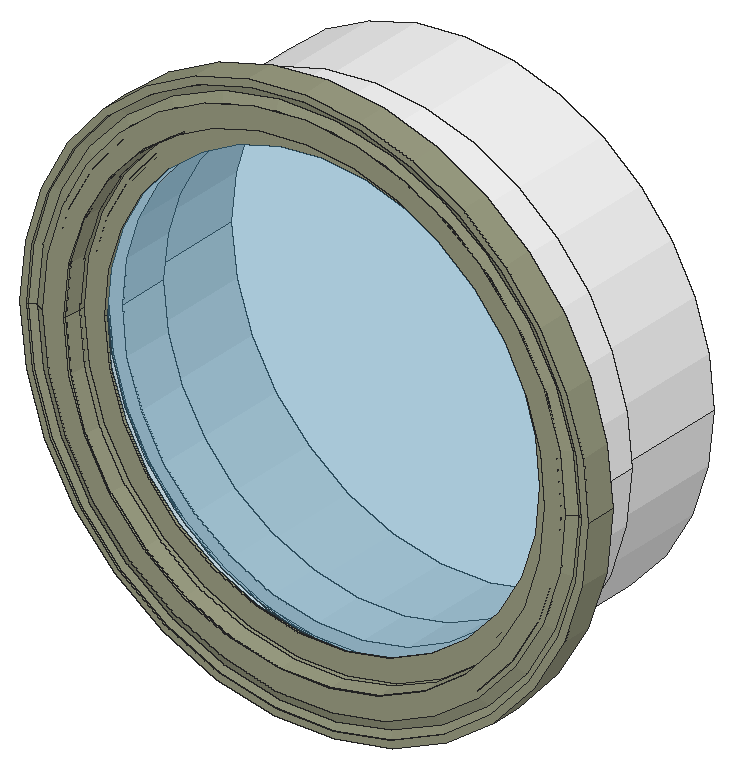
Revit family
Parameters (values of type "2Ft 0 In W (UFC2-0)")
  Type Comments = ""
  SmartBIM Object Version = 1  # constant formula
  SmartBIM Object Created By = "Reed Construction Data"  # constant formula
  Rough Width = Width + 0' 0 1/2"  # 2' - 0 1/2"
  Rough Height = Height + 0' 0 1/2"  # 2' - 0 1/2"
  Radius = Width / 2  # 1' - 0"
  Model = "UFC2-0"
  Glass Radius = Radius - 0' 2 11/16" + 0' 1 1/2"  # 0' - 10 13/16"
  Emergency Escape & Rescue Opening = no
  Interior Material = Kolbe Ultra Pure White
  Glass Pane Material = Glass
  Exterior Wall Offset = 0' - 0"
  URL = "http://www.kolbe-kolbe.com/productoverview/index.cfm?page=ultraradius&source=model"
  Manufacturer = "Kolbe & Kolbe Millwork Co., Inc."  # constant formula
  Height = Radius * 2  # 2' - 0"
  Exterior Sash and Grille Material = Kolbe Spiced Vinegar
  Extension Jamb and Trim Material = Kolbe Bay Leaf
  Description = "Kolbe Ultra Series Casement Direct Set Full Circle"  # constant formula
  Default Sill Height = 3' - 0"
  Wall Closure = (empty or 0)
  Width = 2' - 0"
  95 CSI = "08550"  # constant formula
  04 CSI = "08 52 00"  # constant formula
  Assembly Code = ""
  2In Brickmould = yes
Reference planes (in)
  plane 1 "Center (Front/Back)": y = 0
  plane 2: z = 0
  plane 3 "Center (Left/Right)": x = -0.05306
  plane 4 "Left": x = -12.05306
  plane 5 "Right": x = 11.94694
  plane 6 "Sill": z = 36
  plane 7 "Top": z = 60
  plane 8 "Exterior Wall Offset Plane": y = -4
  plane 9 "Glass Bottom": z = 38.6875
  plane 10 "Glass Top": z = 57.3125
  plane 11 "Jamb Extension - Left Exterior": x = -11.61556
  plane 12 "Jamb Extension - Right Exterior": x = 11.50944
  plane 13 "Jamb Extension Alignment": y = -1.25
  plane 14: x = -10.92806
  plane 15 "Top of Jamb Extension": z = 59.5625
  plane 16: z = 58.875
  plane 17 "Bottom of Jamb": z = 36.65234
  plane 18 "Hinge Alignment - Bottom": z = 36.91381
  plane 19 "Hinge Alignment - Left": x = 11.03288
  plane 20 "Hinge Alignment - Right": x = -11.13899
  plane 21 "Sill Nosing": z = 35.916
  plane 22 "Jamb Extension - Bottom": z = 36.4375
  plane 23: y = -4.23609
  plane 24: y = -3.23821
  plane 25: y = -3.11321
  plane 26: y = -4.36109
  plane 27 "Interior Grill Assembly Alignment": y = -3.73715
  plane 28 "Grills Alignment - Vertical": z = 48
  plane 29 "Top of Brickmould": z = 61.30078
  plane 30 "Header Drip Location": z = 61.30859
  plane 31 "Exterior Sash-Grill Assembly Interface": y = -4.61215
  plane 32 "Interior Sash Grill Assembly Interface": y = -2.92465
  plane 33 "Interior Edge of Upper Sash": y = -3.11109
  plane 34 "Exterior Edge of Upper Sash": y = -3.79859
  plane 35 "Hinge Alignment - Top": z = 59.0845
  plane 36 "Exterior Edge of Glass": y = -4.17465
  plane 37 "Interior Edge of Glass": y = -3.29965
  plane 38 "Interior of Exterior Glass Edge": y = -4.05133
  plane 39 "Interior of Interior Glass Edge": y = -3.42465
Forms (in)
  Sweep 1, solid, material "Kolbe Ultra Pure White" <- "Interior Material"
    path origin (0, -1.25, 0) x (1, 0, 0) y (0, 0, 1)
      loop
        circle (-0.05306, 48) r 12
    profile origin (-0.05306, -1.25, 60) x (0, 0, -1) y (0, -1, 0)
      loop
        line (1.0625, -5.25) -> (1.0625, 0) -> (0.375, 0) -> (0.375, -5.25) -> (1.0625, -5.25)
  Sweep 2, solid, material "Kolbe Ultra Pure White" <- "Interior Material"
    path origin (0, -4, 0) x (-1, 0, 0) y (0, 0, 1)
      loop
        circle (0.05306, 48) r 12
    profile "Profile-Jamb-Interior : Profile-Jamb-Exterior" origin (-0.05306, -4, 60) x (0, 0, -1) y (0, 1, 0)
      loop
        line (0, 0) -> (1.06394, 0) -> (1.06394, 2.75) -> (0, 2.75) -> (0, 0)
  Sweep 3, solid, material "Kolbe Bay Leaf" <- "Extension Jamb and Trim Material"
    path origin (0, -4, 0) x (-1, 0, 0) y (0, 0, 1)
      loop
        circle (0.05306, 48) r 12
    profile "Profile-Jamb-Exterior : Profile-Jamb-Interior" origin (-0.05306, -4, 60) x (0, 0, -1) y (0, 1, 0)
      loop
        line (0, -1.31236) -> (0.74688, -1.31236) -> (0.8125, -0.56236) -> (0.8125, -0.3309) -> (1.8125, -0.3309) -> (1.8125, -0.23715) -> (1.0625, -0.23715) -> (1.0625, 0) -> (0, 0) -> (0, -1.31236)
  Sweep 4, solid, material "Kolbe Bay Leaf" <- "Extension Jamb and Trim Material", visible <- "2In Brickmould"
    path origin (-24.74638, -4, 48) x (-1, 0, 0) y (0, 0, 1)
      loop
        circle (-24.69332, 0) r 12
    profile "Profile_Casing-Brickmould-2In_Kolbe : Profile_Casing-Brickmould-2In_Kolbe" origin (-0.05306, -4, 60) x (0, 0, -1) y (0, 1, 0)
      loop
        line (-1.30792, -1.38236) -> (-0.99542, -1.38236) -> (-0.99542, -1.31986) -> (-0.665, -1.19512) -> (-0.24542, -1.38236) -> (0.73744, -1.38236) -> (0.74688, -1.31236) -> (0, -1.31236) -> (0, 0) -> (-1.30792, 0) -> (-1.30792, -1.38236)
  Sweep 5, solid, material "Kolbe Ultra Pure White" <- "Interior Material"
    path origin (0, -4, 0) x (-1, 0, 0) y (0, 0, 1)
      loop
        circle (0.05306, 48) r 12
    profile "Profile-Jamb-ExteriorStop : Profile-Jamb-ExteriorStop" origin (-0.05306, -4, 60) x (0, 0, -1) y (0, 1, 0)
      loop
        line (1.8125, 3.07641) -> (1.0625, 3.07641) -> (1.0625, 0.70141) -> (1.8125, 0.70141) -> (1.8125, 3.07641)
  Extrusion 6, solid, material "Glass" <- "Glass Pane Material"
    sketch origin (0, -3.73715, 0) x (-1, 0, 0) y (0, 0, 1)
      loop
        circle (0.05306, 48) r 10.8125
    from -0.4375 to -0.31418
  Extrusion 7, solid, material "Glass" <- "Glass Pane Material"
    sketch origin (0, -2.92359, 0) x (-1, 0, 0) y (0, 0, -1)
      loop
        circle (0.05306, -48) r 10.8125
    from 0.37606 to 0.50106
Lines and regions (in)
  Opening 1
    outline origin (-60, -4, 0) x (1, 0, 0) y (0, 0, 1)
      loop
        circle (59.94694, 48) r 12
Text (in)
  text "EXTERIOR" at (-25.18542, -15.27242, 0), in view "Ref. Level"
  text "INTERIOR" at (-25.44992, 9.23236, 0), in view "Ref. Level"
  text "Exterior" at (0, -14.04097, 61.57392), in view "Left"
  text "Exterior" at (0, -58.40817, 96.37164), in view "Right"
Dimensions and locks (in)
  equal spacing: plane 4 "Left", plane 3 "Center (Left/Right)", plane 5 "Right"
  "Width": plane 4 "Left" to plane 5 "Right"
  "Height": plane 6 "Sill" to plane 7 "Top"
  "Default Sill Height": plane 2 to plane 6 "Sill"
  locked: plane 10 "Glass Top" to plane 7 "Top" at 2.6875
  locked: plane 6 "Sill" to plane 9 "Glass Bottom" at 2.6875
  "Exterior Wall Offset": plane 8 "Exterior Wall Offset Plane" to host wall
  locked: plane 8 "Exterior Wall Offset Plane" to plane 13 "Jamb Extension Alignment" at 2.75
  locked: plane 17 "Bottom of Jamb" to plane 6 "Sill" at 0.65234
  locked: plane 6 "Sill" to plane 21 "Sill Nosing" at 0.084
  locked: plane 4 "Left" to plane 11 "Jamb Extension - Left Exterior" at 0.4375
  locked: plane 11 "Jamb Extension - Left Exterior" to plane 14 at 0.6875
  locked: plane 12 "Jamb Extension - Right Exterior" to plane 5 "Right" at 0.4375
  locked: plane 6 "Sill" to plane 22 "Jamb Extension - Bottom" at 0.4375
  locked: plane 19 "Hinge Alignment - Left" to plane 12 "Jamb Extension - Right Exterior" at 0.47656
  locked: plane 11 "Jamb Extension - Left Exterior" to plane 20 "Hinge Alignment - Right" at 0.47656
  locked: plane 26 to plane 23 at 0.125
  locked: plane 24 to plane 25 at 0.125
  locked: plane 8 "Exterior Wall Offset Plane" to plane 24 at 0.76179
  locked: plane 23 to plane 8 "Exterior Wall Offset Plane" at 0.23609
  equal spacing: plane 23, plane 27 "Interior Grill Assembly Alignment", plane 24
  equal spacing: plane 6 "Sill", plane 28 "Grills Alignment - Vertical", plane 7 "Top"
  locked: plane 7 "Top" to plane 29 "Top of Brickmould" at 1.30078
  locked: plane 30 "Header Drip Location" to plane 7 "Top" at 1.30859
  locked: plane 31 "Exterior Sash-Grill Assembly Interface" to plane 27 "Interior Grill Assembly Alignment" at 0.875
  locked: plane 32 "Interior Sash Grill Assembly Interface" to plane 27 "Interior Grill Assembly Alignment" at 0.8125
  locked: plane 18 "Hinge Alignment - Bottom" to plane 6 "Sill" at 0.91381
  locked: plane 7 "Top" to plane 15 "Top of Jamb Extension" at 0.4375
  locked: plane 33 "Interior Edge of Upper Sash" to plane 13 "Jamb Extension Alignment" at 1.86109
  locked: plane 15 "Top of Jamb Extension" to plane 35 "Hinge Alignment - Top" at 0.478
  locked: plane 35 "Hinge Alignment - Top" to plane 16 at 0.2095
  locked: plane 36 "Exterior Edge of Glass" to plane 27 "Interior Grill Assembly Alignment" at 0.4375
  locked: plane 27 "Interior Grill Assembly Alignment" to plane 37 "Interior Edge of Glass" at 0.4375
  locked: plane 38 "Interior of Exterior Glass Edge" to plane 36 "Exterior Edge of Glass" at 0.12332
  locked: plane 37 "Interior Edge of Glass" to plane 39 "Interior of Interior Glass Edge" at 0.125
  locked: Sweep 1 sketch curve to Sweep 1 sketch curve at 0.6875
  locked: plane 16 to Sweep 1 sketch curve at 0.0625
  "Radius": radius of Sweep 4 sketch curve
  "Radius": radius of Sweep 3 sketch curve
  "Radius": radius of Sweep 2 sketch curve
  "Radius": radius of Opening 1 sketch curve
  "Radius": radius of Sweep 1 sketch curve
  "Radius": radius of Sweep 5 sketch curve
  "Glass Radius": radius of Extrusion 7 sketch curve
  "Glass Radius": radius of Extrusion 6 sketch curve
  aligned and locked: host wall to Sweep 1 sketch curve
  aligned and locked: plane 3 "Center (Left/Right)" to Sweep 4 sketch curve
  aligned and locked: plane 28 "Grills Alignment - Vertical" to Sweep 4 sketch curve
  aligned and locked: plane 3 "Center (Left/Right)" to Sweep 3 sketch curve
  aligned and locked: plane 28 "Grills Alignment - Vertical" to Sweep 3 sketch curve
  aligned and locked: plane 3 "Center (Left/Right)" to Sweep 2 sketch curve
  aligned and locked: plane 28 "Grills Alignment - Vertical" to Sweep 2 sketch curve
  aligned and locked: plane 3 "Center (Left/Right)" to Opening 1 sketch curve
  aligned and locked: plane 28 "Grills Alignment - Vertical" to Opening 1 sketch curve
  aligned and locked: plane 3 "Center (Left/Right)" to Sweep 1 sketch curve
  aligned and locked: plane 28 "Grills Alignment - Vertical" to Sweep 1 sketch curve
  aligned and locked: plane 3 "Center (Left/Right)" to Sweep 5 sketch curve
  aligned and locked: plane 28 "Grills Alignment - Vertical" to Sweep 5 sketch curve
  aligned and locked: plane 36 "Exterior Edge of Glass" to Extrusion 6
  aligned and locked: plane 38 "Interior of Exterior Glass Edge" to Extrusion 6
  aligned and locked: Extrusion 7 to plane 37 "Interior Edge of Glass"
  aligned and locked: Extrusion 7 to plane 39 "Interior of Interior Glass Edge"
Automatic sketch dimensions
  Extrusion 7 sketch curve to plane 3 "Center (Left/Right)" = 0' - 0"
  Extrusion 7 sketch curve to plane 28 "Grills Alignment - Vertical" = 0' - 0"
  Extrusion 6 sketch curve to plane 3 "Center (Left/Right)" = 0' - 0"
  Extrusion 6 sketch curve to plane 28 "Grills Alignment - Vertical" = 0' - 0"
  Sweep 1 sketch curve to plane 13 "Jamb Extension Alignment" = 0' - 0"
